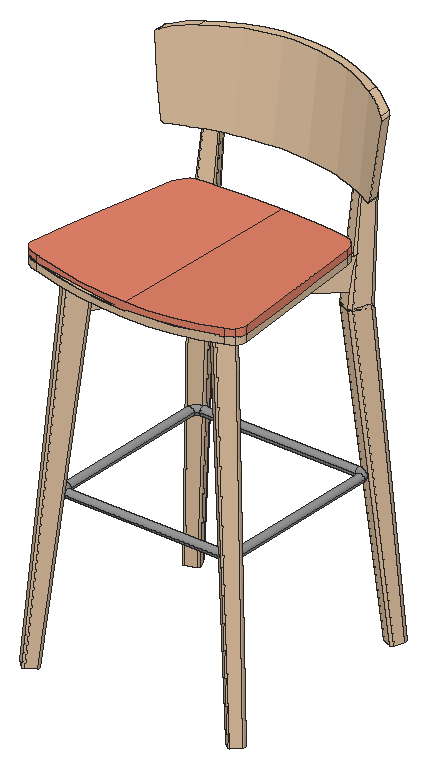
Revit family "FU_Stool_Sandler_Hellen SG07", category Furniture, Revit 2020
Family settings
  OmniClass Number = 23.40.20.00
  OmniClass Title = General Furniture and Specialties
  Work Plane-Based = No
  Always vertical = Yes
  Cut with Voids When Loaded = No
  Shared = No
  Room Calculation Point = No
Parameters (values of type "Hellen SG07")
  Width = 455 mm
  URL = "https://www.sandlerseating.com/product/hellen-sg-07/"
  Seat [instance] = Fabric - Manhattan - Lexington YI113
  Model = "Hellen SG07"
  Manufacturer = "Sandler"
  Height = 990 mm
  Frame [instance] = Wood - Beech - Oiled Oak
  Description = "Stool with backrest and upholstered seat panel on a solid beech frame fitted with a stainless steel footrest."
  Depth = 455 mm
  Default Elevation = 0 mm
Reference planes
  plane 1 "Center (Front/Back)": y = 0
  plane 2: z = 0
  plane 3 "Center (Left/Right)": x = 0
  plane 4 "Right": x = -227.5
  plane 5 "Left": x = 227.5
  plane 6 "Back": y = 227.5
  plane 7 "Front": y = -227.5
  plane 8 "Height": z = 990
  plane 9 "Seat height": z = 720
  plane 10 "FL RIGHT": through (4267.2, -207.37, 0) normal (0, -0.9977, 0.0682)
  plane 11 "FRL FRONT": through (-205.974, -1524, 0.041) normal (-0.9961, 0, 0.0886)
  plane 12 "BLL FRONT": through (201.013, -1524, 0) normal (-0.9987, 0, -0.0517)
  plane 13 "BLL Curve RIGHT": z = 601.691
  plane 14: through (4267.2, 196.102, 0) normal (0, -0.9988, -0.0486)
  plane 15: through (4267.2, 166.798, 601.662) normal (0, -0.9933, 0.1152)
  plane 16 "Frame Seat Base RIGHT": z = 631.09
  plane 17 "Rail RIGHT": z = 298.153
Forms (mm)
  SweptBlend 1, solid, material "Wood - Beech - Oiled Oak" <- "Frame"
    path origin (200.475, 0, 10.381) x (0.051712, 0, -0.998662) y (0, -1, 0)
      loop
        line (12.923, -196.224) -> (-596.353, -166.509)
    profile origin (201.143, 196.224, -2.525) x (-0.002519, 0.998813, 0.048648) y (-0.998662, 0, -0.051712)
      loop
        arc (17.128, 3.4) -> (17.143, 6.462) -> (14.989, 8.637) r 4
        line (14.989, 8.637) -> (-3.892, 16.568)
        arc (-3.892, 16.568) -> (-6.953, 16.584) -> (-9.128, 14.43) r 4
        line (-9.128, 14.43) -> (-17.207, -4.802)
        arc (-17.207, -4.802) -> (-17.223, -7.864) -> (-15.069, -10.039) r 4
        line (-15.069, -10.039) -> (3.812, -17.971)
        arc (3.812, -17.971) -> (6.873, -17.986) -> (9.049, -15.832) r 4
        line (9.049, -15.832) -> (17.128, 3.4)
    end profile origin (169.637, 166.509, 605.936) x (-0.002519, 0.998813, 0.048648) y (-0.998662, 0, -0.051712)
      loop
        line (7.099, -6.825) -> (18.586, 19.263)
        arc (18.586, 19.263) -> (18.684, 23.054) -> (16.092, 25.824) r 5
        line (16.092, 25.824) -> (-14.644, 39.9)
        arc (-14.644, 39.9) -> (-18.469, 40.041) -> (-21.272, 37.436) r 5
        line (-21.272, 37.436) -> (-33.14, 11.523)
        arc (-33.14, 11.523) -> (-33.281, 7.698) -> (-30.676, 4.895) r 5
        line (-30.676, 4.895) -> (0.441, -9.356)
        arc (0.441, -9.356) -> (4.3, -9.484) -> (7.099, -6.825) r 5
  SweptBlend 2, solid, material "Wood - Beech - Oiled Oak" <- "Frame"
    path origin (200.475, 0, 10.381) x (0.051712, 0, -0.998662) y (0, -1, 0)
      loop
        line (-589.155, -166.468) -> (-949.943, -208.37)
    profile origin (170.009, 166.468, 598.747) x (0.005966, 0.993323, -0.115211) y (-0.998662, 0, -0.051712)
      loop
        line (7.015, -6.623) -> (18.28, 19.562)
        arc (18.28, 19.562) -> (18.346, 23.354) -> (15.73, 26.101) r 5
        line (15.73, 26.101) -> (-15.124, 39.916)
        arc (-15.124, 39.916) -> (-18.95, 40.024) -> (-21.731, 37.396) r 5
        line (-21.731, 37.396) -> (-33.378, 11.382)
        arc (-33.378, 11.382) -> (-33.487, 7.557) -> (-30.858, 4.776) r 5
        line (-30.858, 4.776) -> (0.379, -9.211)
        arc (0.379, -9.211) -> (4.239, -9.306) -> (7.015, -6.623) r 5
    end profile origin (151.352, 208.37, 959.053) x (0.005966, 0.993323, -0.115211) y (-0.998662, 0, -0.051712)
      loop
        arc (6.497, 5.132) -> (6.512, 6.28) -> (5.711, 7.102) r 1.5
        line (5.711, 7.102) -> (-10.645, 14.128) -> (-19.944, -6.71) -> (-3.414, -14.086)
        arc (-3.414, -14.086) -> (-2.257, -14.114) -> (-1.425, -13.309) r 1.5
        line (-1.425, -13.309) -> (6.497, 5.132)
  SweptBlend 3, solid, material "Wood - Beech - Oiled Oak" <- "Frame"
    path origin (0, -206.405, 14.116) x (0, -0.068229, -0.99767) y (-1, 0, 0)
      loop
        line (24.345, -205.995) -> (-684.843, -142.778)
    profile origin (205.995, -208.066, -10.172) x (-0.996051, -0.006058, -0.088581) y (0, -0.99767, 0.068229)
      loop
        arc (-2.983, -17.297) -> (-0.175, -18.468) -> (2.645, -17.326) r 4
        line (2.645, -17.326) -> (17.371, -2.905)
        arc (17.371, -2.905) -> (18.573, -0.068) -> (17.401, 2.782) r 4
        line (17.401, 2.782) -> (2.733, 17.45)
        arc (2.733, 17.45) -> (-0.096, 18.621) -> (-2.924, 17.45) r 4
        line (-2.924, 17.45) -> (-17.498, 2.876)
        arc (-17.498, 2.876) -> (-18.67, 0.047) -> (-17.498, -2.781) r 4
        line (-17.498, -2.781) -> (-2.983, -17.297)
    end profile origin (142.778, -159.679, 697.363) x (-0.996051, -0.006058, -0.088581) y (0, -0.99767, 0.068229)
      loop
        arc (-1.295, -25.815) -> (1.518, -26.936) -> (4.31, -25.764) r 4
        line (4.31, -25.764) -> (25.473, -4.601)
        arc (25.473, -4.601) -> (26.645, -1.773) -> (25.473, 1.056) r 4
        line (25.473, 1.056) -> (-2.851, 29.38)
        arc (-2.851, 29.38) -> (-5.679, 30.551) -> (-8.508, 29.38) r 4
        line (-8.508, 29.38) -> (-30.183, 7.704)
        arc (-30.183, 7.704) -> (-31.355, 4.84) -> (-30.131, 1.997) r 4
        line (-30.131, 1.997) -> (-1.295, -25.815)
  SweptBlend 4, solid, material "Wood - Beech - Oiled Oak" <- "Frame"
    path origin (-200.475, 0, 10.381) x (-0.051712, 0, -0.998662) y (0, 1, 0)
      loop
        line (12.923, 196.224) -> (-596.353, 166.509)
    profile origin (-201.143, 196.224, -2.525) x (-0.002519, -0.998813, -0.048648) y (0.998662, 0, -0.051712)
      loop
        line (-17.128, 3.4) -> (-9.049, -15.832)
        arc (-9.049, -15.832) -> (-6.873, -17.986) -> (-3.812, -17.971) r 4
        line (-3.812, -17.971) -> (15.069, -10.039)
        arc (15.069, -10.039) -> (17.223, -7.864) -> (17.207, -4.802) r 4
        line (17.207, -4.802) -> (9.128, 14.43)
        arc (9.128, 14.43) -> (6.953, 16.584) -> (3.892, 16.568) r 4
        line (3.892, 16.568) -> (-14.989, 8.637)
        arc (-14.989, 8.637) -> (-17.143, 6.462) -> (-17.128, 3.4) r 4
    end profile origin (-169.637, 166.509, 605.936) x (-0.002519, -0.998813, -0.048648) y (0.998662, 0, -0.051712)
      loop
        arc (-7.099, -6.825) -> (-4.3, -9.484) -> (-0.441, -9.356) r 5
        line (-0.441, -9.356) -> (30.676, 4.895)
        arc (30.676, 4.895) -> (33.281, 7.698) -> (33.14, 11.523) r 5
        line (33.14, 11.523) -> (21.272, 37.436)
        arc (21.272, 37.436) -> (18.469, 40.041) -> (14.644, 39.9) r 5
        line (14.644, 39.9) -> (-16.092, 25.824)
        arc (-16.092, 25.824) -> (-18.684, 23.054) -> (-18.586, 19.263) r 5
        line (-18.586, 19.263) -> (-7.099, -6.825)
  SweptBlend 5, solid, material "Wood - Beech - Oiled Oak" <- "Frame"
    path origin (-200.475, 0, 10.381) x (-0.051712, 0, -0.998662) y (0, 1, 0)
      loop
        line (-589.155, 166.468) -> (-949.943, 208.37)
    profile origin (-170.009, 166.468, 598.747) x (0.005966, -0.993323, 0.115211) y (0.998662, 0, -0.051712)
      loop
        arc (-7.015, -6.623) -> (-4.239, -9.306) -> (-0.379, -9.211) r 5
        line (-0.379, -9.211) -> (30.858, 4.776)
        arc (30.858, 4.776) -> (33.487, 7.557) -> (33.378, 11.382) r 5
        line (33.378, 11.382) -> (21.731, 37.396)
        arc (21.731, 37.396) -> (18.95, 40.024) -> (15.124, 39.916) r 5
        line (15.124, 39.916) -> (-15.73, 26.101)
        arc (-15.73, 26.101) -> (-18.346, 23.354) -> (-18.28, 19.562) r 5
        line (-18.28, 19.562) -> (-7.015, -6.623)
    end profile origin (-151.352, 208.37, 959.053) x (0.005966, -0.993323, 0.115211) y (0.998662, 0, -0.051712)
      loop
        line (-6.497, 5.132) -> (1.425, -13.309)
        arc (1.425, -13.309) -> (2.257, -14.114) -> (3.414, -14.086) r 1.5
        line (3.414, -14.086) -> (19.944, -6.71) -> (10.645, 14.128) -> (-5.711, 7.102)
        arc (-5.711, 7.102) -> (-6.512, 6.28) -> (-6.497, 5.132) r 1.5
  Extrusion 6, solid, material "Wood - Beech - Oiled Oak" <- "Frame"
    sketch origin (0, 0, 631.09) x (0, -1, 0) y (1, 0, 0)
      loop
        line (-157.596, -136.739) -> (-146.8, -162.31) -> (-64.703, -76.269) -> (49.987, -76.269) -> (57.034, -83.316)
        arc (57.034, -83.316) -> (96.783, -116.713) -> (141.693, -142.76) r 300.084
        line (141.693, -142.76) -> (159.863, -124.589)
        arc (159.863, -124.589) -> (114.861, -98.658) -> (75.065, -65.285) r 297.002
        line (75.065, -65.285) -> (9.781, 0) -> (75.065, 65.285)
        arc (75.065, 65.285) -> (114.861, 98.658) -> (159.863, 124.589) r 297.002
        line (159.863, 124.589) -> (141.693, 142.76)
        arc (141.693, 142.76) -> (96.783, 116.713) -> (57.034, 83.316) r 300.084
        line (57.034, 83.316) -> (49.987, 76.269) -> (-64.703, 76.269) -> (-146.8, 162.31) -> (-157.596, 136.739) -> (-27.126, 0) -> (-157.596, -136.739)
    from 0 to 64.212
  SweptBlend 7, solid, material "Wood - Beech - Oiled Oak" <- "Frame"
    path origin (0, -206.362, 14.738) x (0, -0.068229, -0.99767) y (1, 0, 0)
      loop
        line (25.104, -206.063) -> (-684.084, -142.846)
    profile origin (-206.063, -208.075, -10.308) x (-0.996051, 0.006058, 0.088581) y (0, -0.99767, 0.068229)
      loop
        line (2.983, -17.254) -> (17.498, -2.738)
        arc (17.498, -2.738) -> (18.67, 0.09) -> (17.498, 2.918) r 4
        line (17.498, 2.918) -> (2.924, 17.492)
        arc (2.924, 17.492) -> (0.096, 18.664) -> (-2.733, 17.492) r 4
        line (-2.733, 17.492) -> (-17.401, 2.824)
        arc (-17.401, 2.824) -> (-18.573, -0.025) -> (-17.371, -2.862) r 4
        line (-17.371, -2.862) -> (-2.645, -17.284)
        arc (-2.645, -17.284) -> (0.175, -18.426) -> (2.983, -17.254) r 4
    end profile origin (-142.846, -159.688, 697.228) x (-0.996051, 0.006058, 0.088581) y (0, -0.99767, 0.068229)
      loop
        line (1.295, -25.772) -> (30.131, 2.04)
        arc (30.131, 2.04) -> (31.355, 4.882) -> (30.183, 7.747) r 4
        line (30.183, 7.747) -> (8.508, 29.422)
        arc (8.508, 29.422) -> (5.679, 30.594) -> (2.851, 29.422) r 4
        line (2.851, 29.422) -> (-25.473, 1.098)
        arc (-25.473, 1.098) -> (-26.645, -1.73) -> (-25.473, -4.559) r 4
        line (-25.473, -4.559) -> (-4.31, -25.722)
        arc (-4.31, -25.722) -> (-1.518, -26.893) -> (1.295, -25.772) r 4
  Sweep 8, solid, material "Metal - Steel - Polished"
    path origin (0, 0, 298.153) x (0, -1, 0) y (1, 0, 0)
      loop
        line (-163.114, 155.882) -> (-163.114, -155.882)
        arc (-163.114, -155.882) -> (-158.721, -166.489) -> (-148.114, -170.882) r 15
        line (-148.114, -170.882) -> (159.845, -170.882)
        arc (159.845, -170.882) -> (170.452, -166.489) -> (174.845, -155.882) r 15
        line (174.845, -155.882) -> (174.845, 155.882)
        arc (174.845, 155.882) -> (170.452, 166.489) -> (159.845, 170.882) r 15
        line (159.845, 170.882) -> (-148.114, 170.882)
        arc (-148.114, 170.882) -> (-158.721, 166.489) -> (-163.114, 155.882) r 15
    profile origin (0, 163.114, 298.153) x (0, -1, 0) y (0, 0, 1)
      loop
        circle (0, 0) r 8
  Sweep 9, solid, material "Wood - Beech - Oiled Oak" <- "Frame"
    path origin (0, 0, 0) x (0, 1, 0) y (0, 0, 1)
      loop
        line (-251.068, 691.02) -> (176.532, 685.592)
    profile "Pro_Plus_SeatFront : Pro_Plus_SeatFront" origin (0, -37.268, 688.306) x (0, 0.012694, 0.999919) y (1, 0, 0)
      loop
        arc (0, 0) -> (6.343, -128.159) -> (25.737, -255) r 1255.285
        line (25.737, -255) -> (40.253, -255)
        arc (40.253, -255) -> (21.697, -128.096) -> (15.33, 0) r 1342.99
        arc (15.33, 0) -> (21.697, 128.096) -> (40.253, 255) r 1342.99
        line (40.253, 255) -> (25.737, 255)
        arc (25.737, 255) -> (6.343, 128.159) -> (0, 0) r 1255.285
  Extrusion 10, void
    sketch origin (0, 0, 720) x (-1, 0, 0) y (0, -1, 0)
      loop
        arc (174.807, -108.125) -> (196.061, 42.532) -> (216.358, 193.322) r 23969.847
        arc (216.358, 193.322) -> (213.669, 201.914) -> (207.405, 208.38) r 19.486
        arc (207.405, 208.38) -> (197.835, 212.625) -> (187.659, 215.088) r 58.226
        arc (187.659, 215.088) -> (0, 227.5) -> (-187.659, 215.088) r 1424.794
        arc (-187.659, 215.088) -> (-197.835, 212.625) -> (-207.405, 208.38) r 58.226
        arc (-207.405, 208.38) -> (-213.669, 201.914) -> (-216.358, 193.322) r 19.486
        arc (-216.358, 193.322) -> (-196.061, 42.532) -> (-174.807, -108.125) r 23969.847
        arc (-174.807, -108.125) -> (-165.342, -131.897) -> (-143.795, -145.695) r 41.785
        arc (-143.795, -145.695) -> (0, -164.377) -> (143.795, -145.695) r 562.723
        arc (143.795, -145.695) -> (165.342, -131.897) -> (174.807, -108.125) r 41.785
      loop
        line (258.878, -184.745) -> (258.878, 260.255) -> (-261.122, 260.255) -> (-261.122, -184.745) -> (258.878, -184.745)
    from -37.801 to 38.991
  Sweep 11, solid, material "Wood - Beech - Oiled Oak" <- "Frame"
    path origin (0, 0, 0) x (0, 1, 0) y (0, 0, 1)
      loop
        line (199.884, 800.037) -> (228.174, 992.974)
    profile "Pro_SG Back : Pro_SG Back" origin (0, 214.029, 896.506) x (0, -0.98942, 0.145077) y (1, 0, 0)
      loop
        line (92.119, -250) -> (112.468, -250)
        arc (112.468, -250) -> (13.237, 0) -> (112.468, 250) r 364.538
        line (112.468, 250) -> (92.119, 250)
        arc (92.119, 250) -> (-2, 0) -> (92.119, -250) r 379.085
  Extrusion 12, void
    sketch origin (0, 227.5, 0) x (-1, 0, 0) y (0, 0, 1)
      loop
        arc (227.5, 966.671) -> (226.095, 970.75) -> (222.577, 973.248) r 7.054
        arc (222.577, 973.248) -> (196.644, 979.71) -> (170.109, 982.892) r 214.129
        arc (170.109, 982.892) -> (0, 990) -> (-170.109, 982.892) r 2039.044
        arc (-170.109, 982.892) -> (-196.644, 979.71) -> (-222.577, 973.248) r 214.129
        arc (-222.577, 973.248) -> (-226.095, 970.75) -> (-227.5, 966.671) r 7.054
        arc (-227.5, 966.671) -> (-218.78, 893.779) -> (-209.005, 821.021) r 5065.262
        arc (-209.005, 821.021) -> (-206.755, 816.471) -> (-202.31, 814.021) r 8.481
        arc (-202.31, 814.021) -> (0, 805.89) -> (202.31, 814.021) r 2520.908
        arc (202.31, 814.021) -> (206.755, 816.471) -> (209.005, 821.021) r 8.481
        arc (209.005, 821.021) -> (218.78, 893.779) -> (227.5, 966.671) r 5065.262
      loop
        line (252.5, 1014.646) -> (-252.5, 1014.646) -> (-252.5, 794.646) -> (252.5, 794.646) -> (252.5, 1014.646)
    from 6.667 to -149.8
  Sweep 13, solid, material "Fabric - Manhattan - Lexington YI113" <- "Seat"
    path origin (0, 0, 0) x (0, 1, 0) y (0, 0, 1)
      loop
        line (-251.068, 691.02) -> (176.532, 685.592)
    profile "Pro_Plus_SeatFront : Pro_Plus_SeatFront" origin (0, -37.268, 688.306) x (0, 0.012694, 0.999919) y (1, 0, 0)
      loop
        arc (14, 0) -> (20.343, -128.159) -> (39.737, -255) r 1255.285
        line (39.737, -255) -> (54.253, -255)
        arc (54.253, -255) -> (35.697, -128.096) -> (29.33, 0) r 1342.99
        arc (29.33, 0) -> (35.697, 128.096) -> (54.253, 255) r 1342.99
        line (54.253, 255) -> (39.737, 255)
        arc (39.737, 255) -> (20.343, 128.159) -> (14, 0) r 1255.285
Cuts and joins
  Extrusion 10 cuts Sweep 9
  Extrusion 12 cuts Sweep 11
  Extrusion 10 cuts Sweep 13
Dimensions and locks
  equal spacing: plane 4 "Right", plane 3 "Center (Left/Right)", plane 5 "Left"
  "Width": plane 4 "Right" to plane 5 "Left"
  equal spacing: plane 6 "Back", plane 1 "Center (Front/Back)", plane 7 "Front"
  "Depth": plane 6 "Back" to plane 7 "Front"
  "Height": plane 8 "Height" to level
  plane 9 "Seat height" to level = 720 mm
  aligned and locked: level to plane 2
Automatic sketch dimensions
  SweptBlend 1 sketch curve to plane 6 "Back" = 60.991 mm
  SweptBlend 1 sketch curve to plane 6 "Back" = 31.276 mm
  SweptBlend 1 sketch curve to SweptBlend 1 sketch curve = 609.276 mm
  SweptBlend 1 sketch curve to plane 12 "BLL FRONT" = 4.802 mm
  profile plane to SweptBlend 1 sketch curve = 17.207 mm
  SweptBlend 1 sketch curve to plane 12 "BLL FRONT" = 10.039 mm
  SweptBlend 1 sketch curve to SweptBlend 1 sketch curve = 2.139 mm
  SweptBlend 1 sketch curve to SweptBlend 1 sketch curve = 1.549 mm  (x5)
  profile plane to SweptBlend 1 sketch curve = 9.128 mm
  SweptBlend 1 sketch curve to SweptBlend 1 sketch curve = 3.688 mm  (x3)
  profile plane to SweptBlend 1 sketch curve = 3.892 mm
  SweptBlend 1 sketch curve to profile plane = 3.812 mm
  plane 12 "BLL FRONT" to SweptBlend 1 sketch curve = 4.949 mm
  SweptBlend 1 sketch curve to profile plane = 13.44 mm
  plane 12 "BLL FRONT" to SweptBlend 1 sketch curve = 3.4 mm
  SweptBlend 1 sketch curve to plane 12 "BLL FRONT" = 14.283 mm
  plane 12 "BLL FRONT" to SweptBlend 1 sketch curve = 12.881 mm
  plane 12 "BLL FRONT" to SweptBlend 1 sketch curve = 11.523 mm
  profile plane to SweptBlend 1 sketch curve = 33.14 mm
  plane 12 "BLL FRONT" to SweptBlend 1 sketch curve = 4.895 mm
  SweptBlend 1 sketch curve to SweptBlend 1 sketch curve = 2.464 mm
  SweptBlend 1 sketch curve to SweptBlend 1 sketch curve = 2.082 mm  (x4)
  profile plane to SweptBlend 1 sketch curve = 21.272 mm
  SweptBlend 1 sketch curve to SweptBlend 1 sketch curve = 4.546 mm
  SweptBlend 1 sketch curve to profile plane = 0.441 mm
  SweptBlend 1 sketch curve to profile plane = 2.523 mm
  SweptBlend 1 sketch curve to SweptBlend 1 sketch curve = 4.576 mm  (x2)
  SweptBlend 1 sketch curve to profile plane = 14.01 mm
  SweptBlend 1 sketch curve to plane 12 "BLL FRONT" = 4.811 mm
  SweptBlend 1 sketch curve to SweptBlend 1 sketch curve = 2.015 mm  (x2)
  plane 12 "BLL FRONT" to SweptBlend 1 sketch curve = 19.263 mm
  SweptBlend 1 sketch curve to SweptBlend 1 sketch curve = 25.914 mm
  SweptBlend 2 sketch curve to plane 6 "Back" = 19.13 mm
  SweptBlend 2 sketch curve to plane 6 "Back" = 61.032 mm
  SweptBlend 2 sketch curve to SweptBlend 2 sketch curve = 360.789 mm
  plane 12 "BLL FRONT" to SweptBlend 2 sketch curve = 11.382 mm
  profile plane to SweptBlend 2 sketch curve = 33.378 mm
  plane 12 "BLL FRONT" to SweptBlend 2 sketch curve = 4.776 mm
  SweptBlend 2 sketch curve to SweptBlend 2 sketch curve = 2.52 mm
  SweptBlend 2 sketch curve to SweptBlend 2 sketch curve = 2.043 mm  (x4)
  profile plane to SweptBlend 2 sketch curve = 21.731 mm
  SweptBlend 2 sketch curve to SweptBlend 2 sketch curve = 4.563 mm
  SweptBlend 2 sketch curve to profile plane = 0.379 mm
  SweptBlend 2 sketch curve to profile plane = 2.422 mm
  SweptBlend 2 sketch curve to SweptBlend 2 sketch curve = 4.593 mm  (x2)
  SweptBlend 2 sketch curve to profile plane = 13.687 mm
  SweptBlend 2 sketch curve to plane 12 "BLL FRONT" = 4.647 mm
  SweptBlend 2 sketch curve to SweptBlend 2 sketch curve = 1.976 mm  (x2)
  plane 12 "BLL FRONT" to SweptBlend 2 sketch curve = 19.562 mm
  SweptBlend 2 sketch curve to SweptBlend 2 sketch curve = 26.014 mm
  SweptBlend 2 sketch curve to plane 12 "BLL FRONT" = 6.71 mm
  profile plane to SweptBlend 2 sketch curve = 19.944 mm
  profile plane to SweptBlend 2 sketch curve = 10.645 mm
  profile plane to SweptBlend 2 sketch curve = 3.414 mm
  SweptBlend 2 sketch curve to SweptBlend 2 sketch curve = 0.611 mm
  profile plane to SweptBlend 2 sketch curve = 1.425 mm
  SweptBlend 2 sketch curve to profile plane = 5.119 mm
  SweptBlend 2 sketch curve to SweptBlend 2 sketch curve = 0.592 mm  (x3)
  SweptBlend 2 sketch curve to SweptBlend 2 sketch curve = 1.378 mm
  SweptBlend 2 sketch curve to plane 12 "BLL FRONT" = 12.716 mm
  plane 12 "BLL FRONT" to SweptBlend 2 sketch curve = 5.132 mm
  SweptBlend 3 sketch curve to plane 10 "FL RIGHT" = 2.781 mm
  profile plane to SweptBlend 3 sketch curve = 17.498 mm
  plane 10 "FL RIGHT" to SweptBlend 3 sketch curve = 2.876 mm
  SweptBlend 3 sketch curve to SweptBlend 3 sketch curve = 0 mm
  SweptBlend 3 sketch curve to SweptBlend 3 sketch curve = 2.828 mm  (x9)
  profile plane to SweptBlend 3 sketch curve = 2.983 mm
  profile plane to SweptBlend 3 sketch curve = 2.924 mm
  profile plane to SweptBlend 3 sketch curve = 0.154 mm
  profile plane to SweptBlend 3 sketch curve = 0.096 mm
  SweptBlend 3 sketch curve to profile plane = 2.645 mm
  SweptBlend 3 sketch curve to profile plane = 2.733 mm
  SweptBlend 3 sketch curve to plane 10 "FL RIGHT" = 0.047 mm
  SweptBlend 3 sketch curve to profile plane = 14.573 mm
  SweptBlend 3 sketch curve to plane 10 "FL RIGHT" = 2.905 mm
  SweptBlend 3 sketch curve to SweptBlend 3 sketch curve = 2.799 mm
  plane 10 "FL RIGHT" to SweptBlend 3 sketch curve = 2.782 mm
  SweptBlend 3 sketch curve to plane 10 "FL RIGHT" = 14.468 mm
  plane 10 "FL RIGHT" to SweptBlend 3 sketch curve = 14.621 mm
  plane 10 "FL RIGHT" to SweptBlend 3 sketch curve = 7.704 mm
  profile plane to SweptBlend 3 sketch curve = 30.183 mm
  plane 10 "FL RIGHT" to SweptBlend 3 sketch curve = 1.997 mm
  SweptBlend 3 sketch curve to SweptBlend 3 sketch curve = 0.052 mm
  profile plane to SweptBlend 3 sketch curve = 8.508 mm
  profile plane to SweptBlend 3 sketch curve = 2.851 mm
  profile plane to SweptBlend 3 sketch curve = 1.295 mm
  SweptBlend 3 sketch curve to profile plane = 1.482 mm
  SweptBlend 3 sketch curve to plane 10 "FL RIGHT" = 1.773 mm
  SweptBlend 3 sketch curve to profile plane = 22.645 mm
  plane 10 "FL RIGHT" to SweptBlend 3 sketch curve = 1.056 mm
  SweptBlend 3 sketch curve to plane 10 "FL RIGHT" = 4.601 mm
  SweptBlend 3 sketch curve to plane 10 "FL RIGHT" = 22.936 mm
  plane 10 "FL RIGHT" to SweptBlend 3 sketch curve = 26.551 mm
  SweptBlend 4 sketch curve to plane 6 "Back" = 60.991 mm
  SweptBlend 4 sketch curve to plane 6 "Back" = 31.276 mm
  SweptBlend 4 sketch curve to SweptBlend 4 sketch curve = 609.276 mm
  profile plane to SweptBlend 4 sketch curve = 3.4 mm
  profile plane to SweptBlend 4 sketch curve = 17.128 mm
  profile plane to SweptBlend 4 sketch curve = 8.637 mm
  SweptBlend 4 sketch curve to SweptBlend 4 sketch curve = 2.139 mm
  SweptBlend 4 sketch curve to SweptBlend 4 sketch curve = 3.688 mm  (x4)
  profile plane to SweptBlend 4 sketch curve = 9.049 mm
  profile plane to SweptBlend 4 sketch curve = 3.812 mm
  SweptBlend 4 sketch curve to profile plane = 3.892 mm
  SweptBlend 4 sketch curve to SweptBlend 4 sketch curve = 1.549 mm  (x4)
  SweptBlend 4 sketch curve to profile plane = 6.352 mm
  SweptBlend 4 sketch curve to profile plane = 13.52 mm
  SweptBlend 4 sketch curve to profile plane = 4.802 mm
  SweptBlend 4 sketch curve to profile plane = 14.283 mm
  profile plane to SweptBlend 4 sketch curve = 12.881 mm
  profile plane to SweptBlend 4 sketch curve = 18.586 mm
  SweptBlend 4 sketch curve to SweptBlend 4 sketch curve = 2.494 mm
  SweptBlend 4 sketch curve to SweptBlend 4 sketch curve = 4.576 mm
  profile plane to SweptBlend 4 sketch curve = 7.099 mm
  profile plane to SweptBlend 4 sketch curve = 2.523 mm
  profile plane to SweptBlend 4 sketch curve = 0.441 mm
  SweptBlend 4 sketch curve to profile plane = 14.644 mm
  SweptBlend 4 sketch curve to SweptBlend 4 sketch curve = 2.082 mm  (x3)
  SweptBlend 4 sketch curve to SweptBlend 4 sketch curve = 4.546 mm
  profile plane to SweptBlend 4 sketch curve = 9.441 mm
  SweptBlend 4 sketch curve to SweptBlend 4 sketch curve = 11.868 mm
  profile plane to SweptBlend 4 sketch curve = 4.895 mm
  profile plane to SweptBlend 4 sketch curve = 11.523 mm
  SweptBlend 4 sketch curve to profile plane = 4.811 mm
  SweptBlend 4 sketch curve to SweptBlend 4 sketch curve = 2.015 mm  (x2)
  profile plane to SweptBlend 4 sketch curve = 19.263 mm
  SweptBlend 4 sketch curve to SweptBlend 4 sketch curve = 25.914 mm
  SweptBlend 5 sketch curve to plane 6 "Back" = 19.13 mm
  SweptBlend 5 sketch curve to plane 6 "Back" = 61.032 mm
  SweptBlend 5 sketch curve to SweptBlend 5 sketch curve = 360.789 mm
  profile plane to SweptBlend 5 sketch curve = 18.28 mm
  SweptBlend 5 sketch curve to SweptBlend 5 sketch curve = 2.55 mm
  SweptBlend 5 sketch curve to SweptBlend 5 sketch curve = 4.593 mm
  profile plane to SweptBlend 5 sketch curve = 7.015 mm
  profile plane to SweptBlend 5 sketch curve = 2.422 mm
  profile plane to SweptBlend 5 sketch curve = 0.379 mm
  SweptBlend 5 sketch curve to profile plane = 15.124 mm
  SweptBlend 5 sketch curve to SweptBlend 5 sketch curve = 2.043 mm  (x3)
  SweptBlend 5 sketch curve to SweptBlend 5 sketch curve = 4.563 mm
  profile plane to SweptBlend 5 sketch curve = 9.339 mm
  SweptBlend 5 sketch curve to SweptBlend 5 sketch curve = 11.647 mm
  profile plane to SweptBlend 5 sketch curve = 4.776 mm
  profile plane to SweptBlend 5 sketch curve = 11.382 mm
  SweptBlend 5 sketch curve to profile plane = 4.647 mm
  SweptBlend 5 sketch curve to SweptBlend 5 sketch curve = 1.976 mm  (x2)
  profile plane to SweptBlend 5 sketch curve = 19.562 mm
  SweptBlend 5 sketch curve to SweptBlend 5 sketch curve = 26.014 mm
  profile plane to SweptBlend 5 sketch curve = 6.497 mm
  SweptBlend 5 sketch curve to SweptBlend 5 sketch curve = 0.786 mm
  SweptBlend 5 sketch curve to SweptBlend 5 sketch curve = 0.592 mm  (x3)
  SweptBlend 5 sketch curve to profile plane = 1.425 mm
  SweptBlend 5 sketch curve to SweptBlend 5 sketch curve = 1.378 mm
  SweptBlend 5 sketch curve to SweptBlend 5 sketch curve = 0.611 mm
  SweptBlend 5 sketch curve to profile plane = 10.645 mm
  SweptBlend 5 sketch curve to profile plane = 6.71 mm
  SweptBlend 5 sketch curve to SweptBlend 5 sketch curve = 16.529 mm
  SweptBlend 5 sketch curve to profile plane = 12.716 mm
  profile plane to SweptBlend 5 sketch curve = 5.132 mm
  Extrusion 6 sketch curve to plane 3 "Center (Left/Right)" = 0 mm  (x2)
  Extrusion 6 sketch curve to plane 6 "Back" = 69.904 mm  (x2)
  Extrusion 6 sketch curve to Extrusion 6 sketch curve = 10.796 mm  (x2)
  Extrusion 6 sketch curve to plane 1 "Center (Front/Back)" = 64.703 mm  (x2)
  Extrusion 6 sketch curve to plane 1 "Center (Front/Back)" = 27.126 mm
  plane 1 "Center (Front/Back)" to Extrusion 6 sketch curve = 9.781 mm
  plane 1 "Center (Front/Back)" to Extrusion 6 sketch curve = 49.987 mm  (x2)
  Extrusion 6 sketch curve to Extrusion 6 sketch curve = 7.047 mm  (x4)
  Extrusion 6 sketch curve to Extrusion 6 sketch curve = 18.031 mm  (x2)
  plane 7 "Front" to Extrusion 6 sketch curve = 85.807 mm  (x2)
  Extrusion 6 sketch curve to Extrusion 6 sketch curve = 18.17 mm  (x3)
  Extrusion 6 sketch curve to plane 7 "Front" = 41.725 mm  (x2)
  Extrusion 6 sketch curve to Extrusion 6 sketch curve = 15.852 mm  (x3)
  Extrusion 6 sketch curve to plane 3 "Center (Left/Right)" = 65.285 mm
  Extrusion 6 sketch curve to Extrusion 6 sketch curve = 10.984 mm
  Extrusion 6 sketch curve to Extrusion 6 sketch curve = 59.305 mm
  Extrusion 6 sketch curve to plane 4 "Right" = 98.624 mm
  Extrusion 6 sketch curve to plane 4 "Right" = 90.761 mm
  Extrusion 6 sketch curve to Extrusion 6 sketch curve = 25.571 mm  (x2)
  plane 3 "Center (Left/Right)" to Extrusion 6 sketch curve = 76.269 mm
  plane 5 "Left" to Extrusion 6 sketch curve = 90.761 mm
  SweptBlend 7 sketch curve to plane 4 "Right" = 84.654 mm
  SweptBlend 7 sketch curve to plane 4 "Right" = 21.437 mm
  SweptBlend 7 sketch curve to SweptBlend 7 sketch curve = 709.188 mm
  plane 10 "FL RIGHT" to SweptBlend 7 sketch curve = 2.824 mm
  profile plane to SweptBlend 7 sketch curve = 17.401 mm
  SweptBlend 7 sketch curve to plane 10 "FL RIGHT" = 2.862 mm
  SweptBlend 7 sketch curve to SweptBlend 7 sketch curve = 0.03 mm
  SweptBlend 7 sketch curve to plane 10 "FL RIGHT" = 0.004 mm
  profile plane to SweptBlend 7 sketch curve = 2.733 mm
  profile plane to SweptBlend 7 sketch curve = 2.645 mm
  SweptBlend 7 sketch curve to profile plane = 0.096 mm
  SweptBlend 7 sketch curve to profile plane = 0.154 mm
  SweptBlend 7 sketch curve to profile plane = 2.924 mm
  SweptBlend 7 sketch curve to profile plane = 2.983 mm
  plane 10 "FL RIGHT" to SweptBlend 7 sketch curve = 0.09 mm
  SweptBlend 7 sketch curve to profile plane = 14.67 mm
  plane 10 "FL RIGHT" to SweptBlend 7 sketch curve = 2.918 mm
  SweptBlend 7 sketch curve to SweptBlend 7 sketch curve = 2.828 mm  (x8)
  SweptBlend 7 sketch curve to plane 10 "FL RIGHT" = 2.738 mm
  SweptBlend 7 sketch curve to plane 10 "FL RIGHT" = 14.426 mm
  plane 10 "FL RIGHT" to SweptBlend 7 sketch curve = 14.664 mm
  SweptBlend 7 sketch curve to plane 10 "FL RIGHT" = 4.559 mm
  profile plane to SweptBlend 7 sketch curve = 25.473 mm
  plane 10 "FL RIGHT" to SweptBlend 7 sketch curve = 1.098 mm
  SweptBlend 7 sketch curve to SweptBlend 7 sketch curve = 0 mm
  profile plane to SweptBlend 7 sketch curve = 4.31 mm
  profile plane to SweptBlend 7 sketch curve = 1.482 mm
  SweptBlend 7 sketch curve to profile plane = 1.295 mm
  SweptBlend 7 sketch curve to profile plane = 2.851 mm
  plane 10 "FL RIGHT" to SweptBlend 7 sketch curve = 4.919 mm
  SweptBlend 7 sketch curve to profile plane = 27.355 mm
  plane 10 "FL RIGHT" to SweptBlend 7 sketch curve = 2.04 mm
  SweptBlend 7 sketch curve to SweptBlend 7 sketch curve = 2.777 mm
  plane 10 "FL RIGHT" to SweptBlend 7 sketch curve = 7.747 mm
  SweptBlend 7 sketch curve to plane 10 "FL RIGHT" = 22.893 mm
  plane 10 "FL RIGHT" to SweptBlend 7 sketch curve = 26.594 mm
  Sweep 8 sketch curve to plane 6 "Back" = 64.386 mm
  Sweep 8 sketch curve to Sweep 8 sketch curve = 15 mm  (x4)
  plane 7 "Front" to Sweep 8 sketch curve = 67.655 mm
  plane 5 "Left" to Sweep 8 sketch curve = 56.618 mm
  Sweep 8 sketch curve to plane 4 "Right" = 56.618 mm
  Sweep 8 sketch curve to plane 17 "Rail RIGHT" = 0 mm
  Sweep 8 sketch curve to profile plane = 0 mm
  Sweep 9 sketch curve to plane 15 = 0 mm
  Sweep 9 sketch curve to plane 7 "Front" = 23.568 mm
  Sweep 9 sketch curve to plane 9 "Seat height" = 34.408 mm
  Sweep 9 sketch curve to plane 9 "Seat height" = 28.98 mm
  Extrusion 10 sketch curve to plane 3 "Center (Left/Right)" = 0 mm  (x2)
  plane 5 "Left" to Extrusion 10 sketch curve = 94.383 mm
  plane 5 "Left" to Extrusion 10 sketch curve = 48.393 mm
  plane 5 "Left" to Extrusion 10 sketch curve = 30.58 mm
  Extrusion 10 sketch curve to plane 5 "Left" = 33.622 mm
  Extrusion 10 sketch curve to plane 7 "Front" = 3088.111 mm  (x2)
  Extrusion 10 sketch curve to plane 5 "Left" = 23321.765 mm
  Extrusion 10 sketch curve to plane 4 "Right" = 94.383 mm
  Extrusion 10 sketch curve to plane 4 "Right" = 48.393 mm
  Extrusion 10 sketch curve to plane 4 "Right" = 30.58 mm
  plane 4 "Right" to Extrusion 10 sketch curve = 31.378 mm
  plane 4 "Right" to Extrusion 10 sketch curve = 23321.765 mm
  Extrusion 10 sketch curve to plane 7 "Front" = 170.846 mm
  Extrusion 10 sketch curve to plane 7 "Front" = 32.755 mm
  plane 7 "Front" to Extrusion 10 sketch curve = 35.545 mm  (x2)
  Extrusion 10 sketch curve to Extrusion 10 sketch curve = 34.462 mm  (x2)
  Extrusion 10 sketch curve to plane 1 "Center (Front/Back)" = 105.296 mm  (x2)
  Extrusion 10 sketch curve to plane 6 "Back" = 42.755 mm
  plane 6 "Back" to Extrusion 10 sketch curve = 969.794 mm
  Extrusion 10 sketch curve to Extrusion 10 sketch curve = 10.678 mm
  Extrusion 10 sketch curve to Extrusion 10 sketch curve = 0 mm  (x2)
  Extrusion 10 sketch curve to Extrusion 10 sketch curve = 41.69 mm  (x2)
  Extrusion 10 sketch curve to Extrusion 10 sketch curve = 9.261 mm
  Extrusion 10 sketch curve to Extrusion 10 sketch curve = 10.485 mm
  plane 5 "Left" to Extrusion 10 sketch curve = 11.142 mm
  plane 7 "Front" to Extrusion 10 sketch curve = 12.412 mm
  plane 7 "Front" to Extrusion 10 sketch curve = 19.12 mm
  SweptBlend 3 sketch curve to plane 5 "Left" = 84.722 mm
  SweptBlend 3 sketch curve to plane 5 "Left" = 21.505 mm
  SweptBlend 3 sketch curve to SweptBlend 3 sketch curve = 709.188 mm
  Sweep 11 sketch curve to plane 6 "Back" = 27.616 mm
  plane 9 "Seat height" to Sweep 11 sketch curve = 80.037 mm
  plane 6 "Back" to Sweep 11 sketch curve = 0.674 mm
  plane 8 "Height" to Sweep 11 sketch curve = 2.974 mm
  plane 5 "Left" to Extrusion 12 sketch curve = 0 mm
  Extrusion 12 sketch curve to plane 3 "Center (Left/Right)" = 0 mm
  plane 3 "Center (Left/Right)" to Extrusion 12 sketch curve = 0 mm
  plane 4 "Right" to Extrusion 12 sketch curve = 0 mm
  Extrusion 12 sketch curve to plane 5 "Left" = 25 mm
  plane 8 "Height" to Extrusion 12 sketch curve = 541.867 mm  (x2)
  Extrusion 12 sketch curve to plane 5 "Left" = 4578.63 mm
  plane 5 "Left" to Extrusion 12 sketch curve = 7.053 mm
  plane 5 "Left" to Extrusion 12 sketch curve = 26.874 mm
  Extrusion 12 sketch curve to Extrusion 12 sketch curve = 42.692 mm
  Extrusion 12 sketch curve to plane 4 "Right" = 69.566 mm
  Extrusion 12 sketch curve to plane 4 "Right" = 26.874 mm
  Extrusion 12 sketch curve to plane 4 "Right" = 7.053 mm
  plane 4 "Right" to Extrusion 12 sketch curve = 25 mm
  plane 4 "Right" to Extrusion 12 sketch curve = 4578.63 mm
  plane 8 "Height" to Extrusion 12 sketch curve = 24.646 mm
  Extrusion 12 sketch curve to plane 8 "Height" = 23.477 mm  (x2)
  plane 9 "Seat height" to Extrusion 12 sketch curve = 102.333 mm
  Extrusion 12 sketch curve to Extrusion 12 sketch curve = 144.19 mm
  Extrusion 12 sketch curve to Extrusion 12 sketch curve = 27.686 mm
  plane 9 "Seat height" to Extrusion 12 sketch curve = 49.109 mm  (x2)
  Extrusion 12 sketch curve to level = 1049.044 mm
  Extrusion 12 sketch curve to Extrusion 12 sketch curve = 2312.152 mm
  Extrusion 12 sketch curve to Extrusion 12 sketch curve = 2.13 mm
  Extrusion 12 sketch curve to Extrusion 12 sketch curve = 0 mm
  Extrusion 12 sketch curve to Extrusion 12 sketch curve = 8.379 mm  (x2)
  Extrusion 12 sketch curve to Extrusion 12 sketch curve = 1.684 mm  (x2)
  Extrusion 12 sketch curve to plane 8 "Height" = 7.108 mm  (x2)
  Sweep 13 sketch curve to plane 15 = 0 mm
  Sweep 13 sketch curve to plane 7 "Front" = 23.568 mm
  Sweep 13 sketch curve to plane 9 "Seat height" = 34.408 mm
  Sweep 13 sketch curve to plane 9 "Seat height" = 28.98 mm
  radius of Sweep 8 sketch curve = 8 mm
